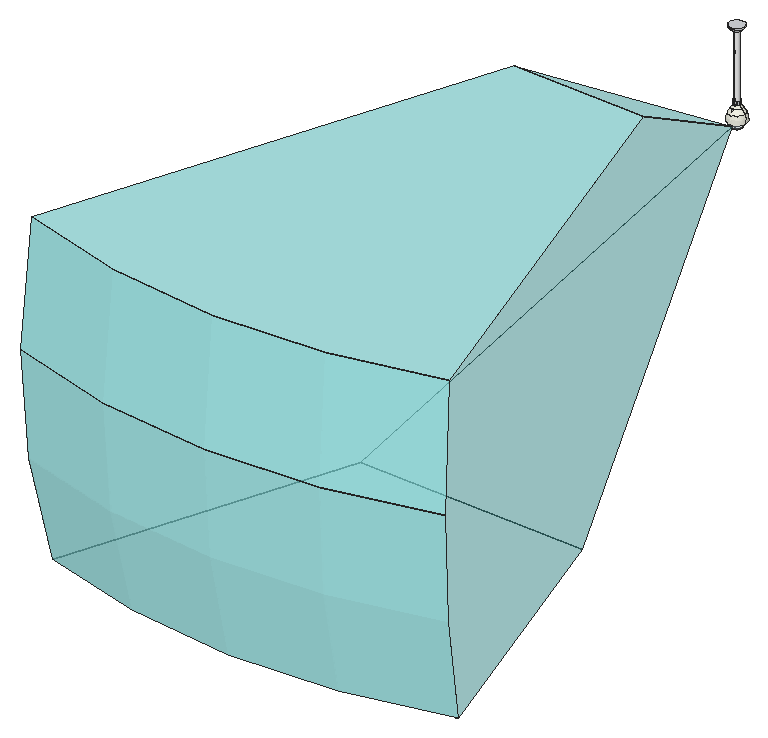
Revit family "PTZ indoor Dome camera  –Ceiling Mount_420mm", category Security Devices, Revit 2017
Family settings
  Maintain Annotation Orientation = No
  Round Connector Dimension = Use Diameter
  Part Type = Normal
  OmniClass Number = 23.85.30.17.14
  OmniClass Title = Video Surveillance
  Work Plane-Based = No
  Always vertical = Yes
  Cut with Voids When Loaded = No
  Shared = No
  Room Calculation Point = No
Parameters (values of type "HONEYWELL HDZ302D_Ceiling Mount_420mm")
  _Upper Limit [instance] = if(FOV Upper Limit + _H + _Origin Vertical < 0.00 mm, 0.00 mm, FOV Upper Limit + _H + _Origin Vertical)  # 1075.00 mm
  _Bottom Limit [instance] = if(FOV Bottom Limit - _H - _Origin Vertical < 0.00 mm, 0.00 mm, FOV Bottom Limit - _H - _Origin Vertical)  # 1825.00 mm
  _H = cos(Mounting Angle) * X  # 150.00 mm
  X = 150.00 mm
  _posOffset [instance] = if(_Origin Vertical > 0.00 mm, abs(_Origin Vertical), 0.00 mm)  # 625.00 mm
  _negOffset [instance] = if(_Origin Vertical < 0.00 mm, abs(_Origin Vertical), 0.00 mm)  # 0.00 mm
  Wireless = no
  User Input 02 [instance] = ""
  User Input 01 [instance] = ""
  Target Resolution Units [instance] = if(Metric, "Pixels per meter", "Pixels per foot")  # "Pixels per meter"
  Target Area [instance] = ""
  Origin Vertical = 750.00 mm
  _Origin Vertical [instance] = if(Ceiling Mount, Pendant Length, Origin Vertical)  # 625.00 mm
  URL = "www.honeywell.com"
  Show Field of View [instance] = yes
  Power over Ethernet Class = ""
  Power over Ethernet = ""
  Pendant Kit = ""
  PTZ = no
  Network Port [instance] = ""
  Model = "HDZ302D"
  Metric = yes
  Manufacturer = ""
  Pendant Status Message [instance] = if(Pendant Length > 750.00 mm, "Exceeds standard size", "OK")  # "OK"
  Lens Minimum Value [instance] = 4.50 mm  # constant formula
  Lens Maximum Value [instance] = 13.50 mm  # constant formula
  Origin Horizontal = 0.00 mm
  FOV Vertical Resolution [instance] = 1080
  FOV Tilt [instance] = 0.00°
  FOV Target Resolution [instance] = 180
  FOV Pan [instance] = 0.00°
  FOV Horizontal Resolution [instance] = 1920
  FOV Horizontal Minimum [instance] = 2.53°
  FOV Horizontal Maximum [instance] = 62.35°
  FOV Focal Length Minimum [instance] = 4.5
  FOV Focal Length Maximum [instance] = 13.5
  FOV Distance to Object [instance] = 6000.00 mm
  FOV Upper Limit [instance] = 300.00 mm
  FOV Desired Focal Length [instance] = 4.5
  FOV Bottom Limit [instance] = 2600.00 mm
  Pendant Length [instance] = 625.00 mm
  FOV Actual Focal Length [instance] = if(FOV Desired Focal Length > FOV Focal Length Maximum, FOV Focal Length Maximum, if(FOV Desired Focal Length < FOV Focal Length Minimum, FOV Focal Length Minimum, FOV Desired Focal Length))  # 4.5
  Ethernet Connector = ""
  Description = "HONEYWELL HDZ302D_Ceiling Mount_420mm"
  Corridor Format [instance] = yes
  Corridor [instance] = yes
  Ceiling Mount = yes
  Mounting Angle = 0.00°
  Camera Number [instance] = "HDZ302D"
  Camera Name [instance] = "HONEYWELL HDZ302D_Ceiling Mount_420mm"
  Audio = no
  Assembly Code = ""
  Actual Corridor [instance] = and(Corridor Format, Corridor)  # yes
  Accessories = ""
Reference planes
  plane 1 "Center (Front/Back)": y = 0
  plane 2 "Camera House Top": z = -625
  plane 3 "Center (Left/Right)": x = 0
  plane 4 "FOV Bottom Limit": z = -2600
  plane 5 "Horizontal Origin": y = 0
  plane 6 "negOffset": z = 0
  plane 7: z = 0
Lines and regions (mm)
  reference lines
    curve 1: line (0, 0, -625) -> (0, 0, -475)
    curve 2: line (0, 0, -475) -> (0, 0, 85)
    curve 3: line (0, 0, -475) -> (0, 120.87, -475)
    curve 4: line (0, 0, -475) -> (0, 45.15, -475)
    curve 7: line (0, 0, -475) -> (0, 75, -475)
    curve 8: line (-65, 0, 0) -> (65, 0, 0)
    curve 9: line (0, 0, 0) -> (0, 0, -2600)
  symbolic lines, style "InvisibleLines"
    curve 5: line (0, 23, -2600) -> (0, -23, -2600)
    curve 6: line (-23, 0, -2600) -> (23, 0, -2600)
Dimensions and locks
  "X": curve 1 to curve 1
  locked: curve 3 to plane 1 "Center (Front/Back)" at 120.87
  "Origin Horizontal": plane 5 "Horizontal Origin" to plane 1 "Center (Front/Back)"
  "_negOffset": plane 6 "negOffset" to level
  "_posOffset": plane 6 "negOffset" to plane 2 "Camera House Top"
  "FOV Bottom Limit": level to plane 4 "FOV Bottom Limit"
  locked: connector elem to plane 5 "Horizontal Origin"
  locked: curve 2 to curve 7
  level to nested 4 = 235.50 mm
  nested 4 to plane 2 "Camera House Top" = 420.00 mm
  angle plane 1 "Center (Front/Back)" to curve 1 = 0.00°
  "FOV Pan": angle curve 4 to curve 3
  aligned and locked: curve 1 to plane 1 "Center (Front/Back)"
  aligned and locked: plane 3 "Center (Left/Right)" to curve 2
  aligned and locked: nested 2 to plane 3 "Center (Left/Right)"
  aligned and locked: level to plane 7
  aligned and locked: plane 3 "Center (Left/Right)" to nested 1
  aligned and locked: plane 1 "Center (Front/Back)" to nested 1
  aligned and locked: curve 3 to curve 4
  aligned and locked: plane 2 "Camera House Top" to curve 1
  aligned and locked: curve 7 to curve 4
  aligned and locked: plane 5 "Horizontal Origin" to curve 8
  aligned and locked: curve 9 to plane 5 "Horizontal Origin"
  aligned and locked: plane 4 "FOV Bottom Limit" to curve 9
  aligned and locked: plane 7 to curve 9
Automatic sketch dimensions
  plane 1 "Center (Front/Back)" to curve 6 = 0.00 mm
  curve 5 to plane 3 "Center (Left/Right)" = 0.00 mm
  plane 3 "Center (Left/Right)" to curve 6 = 23.00 mm
  curve 6 to plane 3 "Center (Left/Right)" = 23.00 mm
  curve 5 to plane 1 "Center (Front/Back)" = 23.00 mm
  plane 1 "Center (Front/Back)" to curve 5 = 23.00 mm
  curve 3 to curve 7 = 75.00 mm
  curve 7 to curve 3 = 0.00 mm
  curve 8 to plane 3 "Center (Left/Right)" = 65.00 mm
  plane 3 "Center (Left/Right)" to curve 8 = 65.00 mm
  level to curve 2 = 85.00 mm
  curve 7 to curve 4 = 0.00 mm
Nested families
  nested 1: "Camera-Dome-AXIS-2D_Symbol" at (0, 0, 0), PTZ <- "PTZ", type "Default", detail levels coarse
    with PTZ no
  nested 2: "Ceiling Mount_PTZ" at (0, 0, -625) x (0, 1, 0) z (0, 0, 1), Ceiling Mount Vertical Distance <- "Pendant Length", type "Ceiling Mount"
    with Ceiling Mount Vertical Distance 625.00 mm
  nested 3: "Honeywell" at (0, -52.5, -825) x (1, 0, 0) z (0, -1, 0), Tilt <- "FOV Tilt", Vertical Res <- "FOV Vertical Resolution", Horizontal Res <- "FOV Horizontal Resolution", visible <- "Show Field of View", FOV Upper Limit <- "_Upper Limit", FOV Distance to Object <- "FOV Distance to Object", FOV Bottom Limit <- "_Bottom Limit", Target Resolution <- "FOV Target Resolution", FOV Horizontal Min <- "FOV Horizontal Minimum", FOV Horizontal Max <- "FOV Horizontal Maximum", Focal Length Minimum <- "FOV Focal Length Minimum", Focal Length Maximum <- "FOV Focal Length Maximum", Metric <- "Metric", Focal Length <- "FOV Actual Focal Length", Corridor <- "Corridor Format", IDFOV <- "Camera Name", type "Default"
    with yr 6095.541 mm, yf 6271.413 mm, y 6095.541 mm, x 1.00 mm, k 0.34033, _Target Resolution 180, XEff Min 5.445 mm, XEff Max 0.596 mm, XEff 5.445 mm, Vertical Res 1080, Vertical Angle 18.7948°, Tilt 0.00°, Target Resolution 180, Resolution Guide Width 7388.014 mm, Resolution Guide Heigth 4155.758 mm, Resolution Guide Distance 6103.541 mm, Resolution 0.25988, Metric yes, IDFOV "HONEYWELL HDZ302D_Ceiling Mount_420mm", Horizontal Res 1920, Horizontal Angle 31.175°, Focal Length Minimum 4.5, Focal Length Maximum 13.5, Focal Length 4.5, FOV Width 7388.014 mm, FOV Wide Angle 62.35°, FOV Vertical Max 31.175°, FOV Upper Limit 1075.00 mm, FOV Horizontal Min 2.53°, FOV Horizontal Max 62.35°, FOV Horisontal angle Negative -18.7948°, FOV Horisontal angle 18.7948°, FOV Height 4155.758 mm, FOV Distortion Trim Length 7105.541 mm, FOV Distance to Object 6000.00 mm, FOV Distance 6105.541 mm, FOV Bottom Limit 1825.00 mm, DTR 11336.299 mm, DTO 16261.299 mm, DTF 12086.299 mm, Corridor yes
  nested 4: "Theard" at (0, 0, -260.5), type "Theard"
  nested 5: "Camera Eye" at (-4.103, 2.003, -580.107) x (1, 0, 0) z (0, 0, -1), type "Standard"
    with View Distance -22.156 mm, Tilt Angle 60.00°, Pan Angle 60.00°, FoV V 0.00 mm, FoV H 0.00 mm, FoV Contraint H 0.00°, FoV Constraint V 0.00°
Connectors
  electrical at (0, 0, 0), driven by "Ethernet Connector"
    settings: index 1, voltage 0 V, apparent load 0 VA, apparent load phase1 0 VA, apparent load phase2 0 VA, apparent load phase3 0 VA, power factor 1, load classification "Other", number of poles 1, system type 10, power factor state 1, is connector primary yes, connector utility no, sub classification motor no, connector description ""
Definition of nested family "Ceiling Mount_PTZ"
  Parameters (values of type "Ceiling Mount")
    Wall Mount Vertical Distance = 102.00 mm
    Wall Mount Horizontal Distance = 220.00 mm
    Wall Mount = no
    Pendant Adapter = yes
    Parapet Mount Vertical Distance Mounting End = 583.00 mm
    Parapet Mount Vertical Distance Camera End = 106.00 mm
    Parapet Mount Horizontal Distance = 298.00 mm
    Parapet Mount = no
    Default Elevation = 1219.20 mm
    Corner Mount = no
    Ceiling Mount Vertical Distance [instance] = 750.00 mm
    Ceiling Mount = yes
  Reference planes
    plane 1 "Center (Front/Back)": y = 0
    plane 2: z = 0
    plane 3 "Center (Left/Right)": x = 0
    plane 4: z = 102
    plane 5 "Adapter Top": z = 60
    plane 6 "Arm Mount Ceiling": z = 715
    plane 7 "Parapet Mount Fillet": z = 106
    plane 8: x = -25
    plane 9: x = 25
    plane 10: z = 22
    plane 11: x = -46
    plane 12: x = 46
    plane 13: z = 19
    plane 14: z = 750
    plane 15: x = -27.5
    plane 16: x = 27.5
    plane 17: x = -47.5
    plane 18: x = 47.5
  Forms (mm)
    Extrusion 1, solid, visible <- "Ceiling Mount"
      sketch origin (0, 0, 0) x (1, 0, 0) y (0, 1, 0)
        loop
          circle (0, 0) r 23
      from 0 to 715
  Lines and regions (mm)
    Masking region 1, visible <- "Ceiling Mount", detail levels medium+fine
      outline origin (0, 0, 0) x (1, 0, 0) y (0, 1, 0)
        loop
          line (-97.5, 67.5) -> (-97.5, -67.5) -> (97.5, -67.5) -> (97.5, 67.5) -> (-97.5, 67.5)
    Masking region 2, visible <- "Parapet Mount", detail levels medium+fine
      outline origin (0, 0, 0) x (1, 0, 0) y (0, 1, 0)
        loop
          line (-200.5, 67.5) -> (-395.5, 67.5) -> (-395.5, -67.5) -> (-200.5, -67.5) -> (-200.5, 67.5)
    Masking region 3, visible <- "Wall Mount", detail levels medium+fine
      outline origin (0, 0, 0) x (1, 0, 0) y (0, 1, 0)
        loop
          line (-220, 67.5) -> (-220, -67.5) -> (-184, -67.5) -> (-184, 67.5) -> (-220, 67.5)
    Masking region 4, visible <- "Parapet Mount", detail levels medium+fine
      outline origin (0, 0, 0) x (1, 0, 0) y (0, 1, 0)
        loop
          arc (-298, 23) -> (-314.263, 16.263) -> (-321, 0) r 23
          arc (-321, 0) -> (-314.263, -16.263) -> (-298, -23) r 23
          line (-298, -23) -> (0, -23)
          arc (0, -23) -> (16.263, -16.263) -> (23, 0) r 23
          arc (23, 0) -> (16.263, 16.263) -> (0, 23) r 23
          line (0, 23) -> (-298, 23)
    Masking region 5, visible <- "Wall Mount", detail levels medium+fine
      outline origin (0, 0, 0) x (1, 0, 0) y (0, 1, 0)
        loop
          arc (23, 0) -> (16.263, 16.263) -> (0, 23) r 23
          line (0, 23) -> (-184, 23) -> (-184, -23) -> (0, -23)
          arc (0, -23) -> (16.263, -16.263) -> (23, 0) r 23
    symbolic lines, visible <- "Corner Mount", detail levels medium+fine
      curve 1: line (-302.5, 67.5, 0) -> (-220, 67.5, 0)
      curve 2: line (-404, 169, 0) -> (-302.5, 67.5, 0)
      curve 3: line (-220, -67.5, 0) -> (-302.5, -67.5, 0)
      curve 4: line (-302.5, -67.5, 0) -> (-404, -169, 0)
  Dimensions and locks
    "Wall Mount Vertical Distance": plane 4 to plane 2
    locked: plane 5 "Adapter Top" to plane 2 at 60
    "Ceiling Mount Vertical Distance": plane 14 to plane 2
    "Parapet Mount Vertical Distance Camera End": plane 7 "Parapet Mount Fillet" to plane 2
    equal spacing: plane 9, plane 3 "Center (Left/Right)", plane 8
    equal spacing: plane 12, plane 3 "Center (Left/Right)", plane 11
    locked: plane 9 to plane 8 at 50
    locked: plane 12 to plane 11 at 92
    locked: plane 10 to plane 2 at 22
    locked: plane 13 to plane 2 at 19
    plane 14 to plane 6 "Arm Mount Ceiling" = 35.00 mm
    equal spacing: plane 16, plane 3 "Center (Left/Right)", plane 15
    locked: plane 16 to plane 15 at 55
    equal spacing: plane 18, plane 3 "Center (Left/Right)", plane 17
    locked: plane 18 to plane 17 at 95
    radius of Extrusion 1 sketch curve = 23.00 mm
    aligned and locked: level to plane 2
    aligned and locked: plane 3 "Center (Left/Right)" to Extrusion 1 sketch curve
    aligned and locked: plane 1 "Center (Front/Back)" to Extrusion 1 sketch curve
    aligned and locked: plane 6 "Arm Mount Ceiling" to Extrusion 1
    aligned and locked: nested 1 to plane 1 "Center (Front/Back)"
    aligned and locked: plane 3 "Center (Left/Right)" to nested 1
    aligned and locked: Masking region 4 sketch curve to Extrusion 1  (x2)
    aligned and locked: Masking region 5 sketch curve to Extrusion 1  (x2)
    aligned and locked: Masking region 3 to Masking region 5 sketch curve
    aligned and locked: Extrusion 1 to plane 2
    aligned and locked: plane 6 "Arm Mount Ceiling" to nested 1
    aligned and locked: plane 14 to nested 1
  Automatic sketch dimensions
    curve 1 to plane 1 "Center (Front/Back)" = 67.50 mm
    curve 1 to curve 2 = 101.50 mm
    plane 1 "Center (Front/Back)" to curve 4 = 67.50 mm
    curve 4 to curve 3 = 101.50 mm  (x2)
    plane 1 "Center (Front/Back)" to Masking region 3 sketch curve = 67.50 mm
    Masking region 3 sketch curve to plane 1 "Center (Front/Back)" = 67.50 mm
    curve 2 to plane 17 = 255.00 mm
    curve 4 to curve 1 = 0.00 mm
    curve 2 to curve 1 = 101.50 mm
    curve 3 to curve 3 = 82.50 mm
    curve 1 to curve 1 = 82.50 mm
    Masking region 3 sketch curve to plane 17 = 172.50 mm
    Masking region 3 sketch curve to Masking region 3 sketch curve = 36.00 mm
    Masking region 2 sketch curve to plane 1 "Center (Front/Back)" = 67.50 mm
    Masking region 2 sketch curve to plane 17 = 348.00 mm
    plane 1 "Center (Front/Back)" to Masking region 2 sketch curve = 67.50 mm
    Masking region 2 sketch curve to plane 17 = 153.00 mm
    Masking region 1 sketch curve to plane 17 = 50.00 mm
    plane 18 to Masking region 1 sketch curve = 50.00 mm
    plane 1 "Center (Front/Back)" to Masking region 1 sketch curve = 67.50 mm
    Masking region 1 sketch curve to plane 1 "Center (Front/Back)" = 67.50 mm
  Nested families
    nested 1: "Arm_Mount-AXIS-T91A6X" at (0, 0, 715) x (0, 1, 0) z (0, 0, 1), visible <- "Ceiling Mount", type "Type 1"
      with Corner Mount no
    nested 2: "HDZNPTA" at (0, 0, -25), type "HDZNPTA"
  Definition of nested family "Arm_Mount-AXIS-T91A6X"
    Parameters (values of type "Type 1")
      Default Elevation = 1219.20 mm
      Corner Mount [instance] = yes
    Reference planes
      plane 1 "Center (Front/Back)": y = 0
      plane 2: z = 0
      plane 3 "Center (Left/Right)": x = 0
      plane 4: z = 75
      plane 5: z = 33
      plane 6: x = -67.5
      plane 7: x = 67.5
      plane 8: y = 97.5
      plane 9: y = -97.5
      plane 10: x = -35.5
      plane 11: x = 35.5
      plane 12: x = 27.5
      plane 13: x = -27.5
      plane 14: z = 39
      plane 15: z = 80
      plane 16: x = -72.5
      plane 17: x = 72.5
      plane 18: x = -169
      plane 19: z = 259
      plane 20: x = 169
    Forms (mm)
      Revolve 1, solid
        sketch origin (0, 0, 0) x (1, 0, 0) y (0, 0, 1)
          loop
            arc (41.3, 0) -> (55.292, 11.508) -> (66.8, 25.5) r 93.412
            line (66.8, 25.5) -> (0, 25.5) -> (0, 0) -> (41.3, 0)
          axis (0, 25.5) -> (0, 0)
        angle from 0 to 360
      Extrusion 2, solid
        sketch origin (0, 0, 0) x (1, 0, 0) y (0, 1, 0)
          loop
            circle (0, 0) r 66.8
        from 25.5 to 35
    Lines and regions (mm)
      reference lines
        curve 1: line (0, 0, 90) -> (169, 0, 259)
        curve 2: line (0, 0, 90) -> (-169, 0, 259)
        curve 3: line (0, 0, 82.929) -> (-169, 0, 251.929)
        curve 4: line (0, 0, 82.929) -> (169, 0, 251.929)
    Dimensions and locks
      plane 4 to plane 5 to plane 2 = 42.00 mm locked, 33.00 mm locked
      equal spacing: plane 8, plane 1 "Center (Front/Back)", plane 9
      plane 8 to plane 9 = 195.00 mm
      equal spacing: plane 6, plane 3 "Center (Left/Right)", plane 7
      plane 6 to plane 7 = 135.00 mm
      equal spacing: plane 12, plane 3 "Center (Left/Right)", plane 13
      locked: plane 12 to plane 13 at 55
      equal spacing: plane 11, plane 3 "Center (Left/Right)", plane 10
      locked: plane 11 to plane 10 at 71
      locked: plane 14 to plane 5 at 6
      plane 15 to plane 4 = 5.00 mm
      plane 6 to plane 16 = 5.00 mm
      plane 17 to plane 7 = 5.00 mm
      equal spacing: plane 20, plane 3 "Center (Left/Right)", plane 18
      locked: plane 20 to plane 18 at 338
      locked: plane 19 to plane 4 at 184
      locked: curve 3 to curve 2 at 5
      locked: curve 4 to curve 1 at 5
      plane 5 to level = 33.00 mm
      diameter of Extrusion 2 = 133.60 mm
      angle curve 2 to plane 15 = 45.00°
      angle plane 15 to curve 1 = 45.00°
      aligned and locked: level to plane 2
      aligned and locked: Revolve 1 sketch curve to plane 3 "Center (Left/Right)"
      aligned and locked: plane 3 "Center (Left/Right)" to curve 2
    Automatic sketch dimensions
      curve 3 to plane 18 = 0.00 mm
      curve 4 to plane 20 = 0.00 mm
      curve 1 to plane 19 = 0.00 mm
      curve 1 to plane 20 = 0.00 mm
      plane 1 "Center (Front/Back)" to Extrusion 2 sketch curve = 0.00 mm
      Extrusion 2 sketch curve to plane 3 "Center (Left/Right)" = 0.00 mm
      Revolve 1 sketch curve to level = 0.00 mm
      Revolve 1 sketch curve to plane 3 "Center (Left/Right)" = 0.00 mm
      Revolve 1 sketch curve to plane 15 = 2.44 mm
      Revolve 1 sketch curve to plane 5 = 7.50 mm
      plane 11 to Revolve 1 sketch curve = 5.80 mm
      Revolve 1 sketch curve to plane 7 = 0.70 mm
      Revolve 1 sketch curve to level = 36.387 mm
      plane 15 to Revolve 1 sketch curve = 31.352 mm
      radius of Extrusion 2 sketch curve = 66.80 mm
  Definition of nested family "HDZNPTA"
    Reference planes
      plane 1 "Center (Front/Back)": y = 0
      plane 2: z = 0
      plane 3 "Center (Left/Right)": x = 0
    Forms (mm)
      Extrusion 1, solid
        sketch origin (-0.625, -0.625, 0) x (1, 0, 0) y (0, 1, 0)
          loop
            circle (0.625, 0.625) r 18.622
          loop
            line (-22.455, -24.811) -> (-8.169, -32.729) -> (-6.977, -32.729)
            arc (-6.977, -32.729) -> (-4.59, -30.308) -> (-1.273, -29.568) r 6.015
            arc (-1.273, -29.568) -> (17.192, -24.763) -> (29.092, -9.849) r 30.201
            arc (29.092, -9.849) -> (30.672, -8.381) -> (32.742, -7.774) r 4.701
            line (32.742, -7.774) -> (32.742, 10.359)
            arc (32.742, 10.359) -> (30.375, 11.013) -> (28.595, 12.707) r 5.054
            arc (28.595, 12.707) -> (15.353, 27.097) -> (-3.868, 30.702) r 31.014
            arc (-3.868, 30.702) -> (-6.735, 31.136) -> (-8.91, 33.053) r 5.14
            line (-8.91, 33.053) -> (-23.522, 23.835)
            arc (-23.522, 23.835) -> (-23.007, 21.335) -> (-23.522, 18.835) r 6.331
            arc (-23.522, 18.835) -> (-27.64, 14.015) -> (-33.764, 12.374) r 10.69
            arc (-33.764, 12.374) -> (-37.649, 10.765) -> (-39.258, 6.881) r 5.494
            line (-39.258, 6.881) -> (-39.258, -7.195)
            arc (-39.258, -7.195) -> (-36.288, -11.613) -> (-31.168, -13.073) r 7.751
            arc (-31.168, -13.073) -> (-28.655, -12.862) -> (-26.337, -13.853) r 5.222
            line (-26.337, -13.853) -> (-23.14, -17.47)
            arc (-23.14, -17.47) -> (-21.824, -21.05) -> (-22.455, -24.811) r 7.443
          loop
            line (-36.67, 4.655) -> (-36.67, -5.192)
            arc (-36.67, -5.192) -> (-34.172, -7.689) -> (-31.674, -5.192) r 2.498
            arc (-31.674, -5.192) -> (-31.91, -0.192) -> (-31.674, 4.808) r 53.172
            arc (-31.674, 4.808) -> (-34.251, 7.307) -> (-36.67, 4.655) r 2.5
        from 0 to 48
      Revolve 2, void
        sketch origin (0, 0, 0) x (1, 0, 0) y (0, 0, 1)
          loop
            line (21.501, 25) -> (55.117, 25) -> (55.117, 48) -> (20.413, 48) -> (20.413, 46) -> (21.501, 46) -> (21.501, 45.012) -> (20.413, 45.012) -> (20.413, 44) -> (21.501, 44) -> (21.501, 43.012) -> (20.413, 43.012) -> (20.413, 42) -> (21.501, 42) -> (21.501, 41.012) -> (20.413, 41.012) -> (20.413, 40) -> (21.501, 40) -> (21.501, 39.012) -> (20.413, 39.012) -> (20.413, 38) -> (21.501, 38) -> (21.501, 37.012) -> (20.413, 37.012) -> (20.413, 36) -> (21.501, 36) -> (21.501, 35.012) -> (20.413, 35.012) -> (20.413, 34) -> (21.501, 34) -> (21.501, 33.012) -> (20.413, 33.012) -> (20.413, 32) -> (21.501, 32) -> (21.501, 31.012) -> (20.413, 31.012) -> (20.413, 30) -> (21.501, 30) -> (21.501, 29.012) -> (20.413, 29.012) -> (20.413, 28) -> (21.501, 28) -> (21.501, 27.012) -> (20.413, 27.012) -> (20.413, 26) -> (21.501, 26) -> (21.501, 25)
          axis (0, 48) -> (0, 25)
        angle from 0 to 360
    Cuts and joins
      Revolve 2 cuts Extrusion 1
    Dimensions and locks
      cut or joined group of Extrusion 1, Revolve 2 to cut or joined group of Extrusion 1, Revolve 2 = 72.00 mm
      cut or joined group of Extrusion 1, Revolve 2 to cut or joined group of Extrusion 1, Revolve 2 = 48.00 mm
      aligned and locked: level to plane 2
Definition of nested family "Honeywell"
  Parameters (values of type "Default")
    yr [instance] = sqrt(FOV Distance to Object ^ 2 + FOV Upper Limit ^ 2)  # 8005.623 mm
    yf [instance] = sqrt(FOV Distance to Object ^ 2 + FOV Bottom Limit ^ 2)  # 8443.341 mm
    y [instance] = if(and((Tilt > 0.00°), (Tilt < 180.00°)), yf, yr)  # 8443.341 mm
    x [instance] = 1.00 mm  # constant formula
    k [instance] = XEff / 2.00 mm * (Vertical Res / Horizontal Res) / Focal Length  # 0.32476
    _Target Resolution [instance] = if(Metric, Target Resolution, Target Resolution / 0.3048)  # 400
    XEff Min [instance] = 2.00 mm * Focal Length Minimum * tan(FOV Horizontal Max / 2)  # 1.155 mm
    XEff Max [instance] = 2.00 mm * Focal Length Maximum * tan(FOV Horizontal Min / 2)  # 2.309 mm
    XEff [instance] = if((Focal Length Maximum - Focal Length Minimum) = 0, XEff Min, (Focal Length - Focal Length Minimum) * (XEff Max - XEff Min) / (Focal Length Maximum - Focal Length Minimum) + XEff Min)  # 2.309 mm
    Vertical Res [instance] = 1080
    Vertical Angle [instance] = atan(k)  # 17.9917°
    Tilt [instance] = 20.00°
    Target Resolution [instance] = 400
    Resolution [instance] = Horizontal Res / (FOV Width / 1.00 mm)  # 0.1967
    Metric [instance] = yes
    IDFOV [instance] = ""
    Horizontal Res [instance] = 1920
    Horizontal Angle [instance] = atan(XEff / 2.00 mm / Focal Length)  # 30.00°
    Focal Length Minimum [instance] = 1
    Focal Length Maximum [instance] = 2
    Resolution Guide Width [instance] = if((Horizontal Res * 1000.00 mm) / (_Target Resolution) < FOV Width, (Horizontal Res * 1000.00 mm) / (_Target Resolution), FOV Width)  # 4800.00 mm
    FOV Width [instance] = FOV Distance * XEff / (Focal Length * 1.00 mm)  # 9761.077 mm
    FOV Wide Angle [instance] = FOV Horizontal Max  # 60.00°
    FOV Vertical Max [instance] = if(Corridor, Horizontal Angle, Vertical Angle)  # 17.9917°
    FOV Horizontal Min [instance] = 60.00°
    FOV Horizontal Max [instance] = 60.00°
    Resolution Guide Heigth [instance] = Resolution Guide Width * Vertical Res / Horizontal Res  # 2700.00 mm
    FOV Horisontal angle Negative [instance] = if(Corridor, Vertical Angle, Horizontal Angle) * -1  # -30.00°
    FOV Horisontal angle [instance] = if(Corridor, Vertical Angle, Horizontal Angle)  # 30.00°
    FOV Height [instance] = FOV Width * Vertical Res / Horizontal Res  # 5490.606 mm
    FOV Upper Limit [instance] = 300.00 mm
    FOV Distortion Trim Length [instance] = FOV Distance + 1000.00 mm  # 9453.341 mm
    FOV Distance to Object [instance] = 8000.00 mm
    FOV Bottom Limit [instance] = 2700.00 mm
    Resolution Guide Distance [instance] = Resolution Guide Width * (Focal Length * 1.00 mm) / XEff - 2.00 mm  # 4154.922 mm
    FOV Distance [instance] = y + 10.00 mm  # 8453.341 mm
    Focal Length [instance] = 2
    Default Elevation = 1219.20 mm
    DTR [instance] = FOV Height + FOV Distance + FOV Upper Limit  # 14243.946 mm
    DTO [instance] = FOV Height + FOV Distance + FOV Distance to Object  # 21943.946 mm
    DTF [instance] = FOV Height + FOV Distance + FOV Bottom Limit  # 16643.946 mm
    Corridor [instance] = no
  Reference planes
    plane 1 "Center (Front/Back)": y = 0
    plane 2: z = 0
    plane 3 "Center (Left/Right)": x = 0
    plane 4: z = 8000
    plane 5: z = -8000
    plane 6: y = -2700
    plane 7: z = 21943.946
    plane 8: y = 300
    plane 9: y = -21943.946
    plane 10: z = -21943.946
    plane 11: y = 14243.946
    plane 12: x = -21943.946
    plane 13: x = 21943.946
  Forms (mm)
    Extrusion 1, void
      sketch origin (0, 0, 0) x (0, 1, 0) y (0, 0, 1)
        loop
          line (14243.946, 21943.946) -> (300, 21943.946) -> (300, -21943.946) -> (14243.946, -21943.946) -> (14243.946, 21943.946)
        loop
          line (-21943.946, 21943.946) -> (-21943.946, -21943.946) -> (-2700, -21943.946) -> (-2700, 21943.946) -> (-21943.946, 21943.946)
      from -27797.579 to 25408.475
    Revolve 2, solid
      sketch origin (0, 0, 0) x (0, -0.34202, 0.939693) y (0, -0.939693, -0.34202)
        loop
          line (0, 0) -> (3951.752, -1283.369)
          arc (3951.752, -1283.369) -> (4103.815, -649.676) -> (4154.922, 0) r 4154.922
          arc (4154.922, 0) -> (4103.815, 649.676) -> (3951.752, 1283.369) r 4154.922
          line (3951.752, 1283.369) -> (0, 0)
        axis (0, 1283.369) -> (0, -1283.369)
      angle from -30 <- "FOV Horisontal angle Negative" to 30 <- "FOV Horisontal angle"
    Revolve 3, solid
      sketch origin (0, 0, 0) x (0, -0.34202, 0.939693) y (0, -0.939693, -0.34202)
        loop
          line (3951.752, -1283.369) -> (8039.983, -2611.061)
          arc (8039.983, -2611.061) -> (8349.362, -1321.789) -> (8453.341, 0) r 8453.341
          arc (8453.341, 0) -> (8349.362, 1321.789) -> (8039.983, 2611.061) r 8453.341
          line (8039.983, 2611.061) -> (3951.752, 1283.369)
          arc (3951.752, 1283.369) -> (4103.815, 649.676) -> (4154.922, 0) r 4154.922
          arc (4154.922, 0) -> (4103.815, -649.676) -> (3951.752, -1283.369) r 4154.922
        axis (0, 2611.061) -> (0, -2611.061)
      angle from -30 <- "FOV Horisontal angle Negative" to 30 <- "FOV Horisontal angle"
    Extrusion 4, void
      sketch origin (0, 0, 0) x (0, -0.34202, 0.939693) y (0, -0.939693, -0.34202)
        loop
          line (0, 0) -> (8991.084, 2919.94) -> (8064.85, 5772.002) -> (-9708.308, 0) -> (8064.85, -5772.002) -> (8991.084, -2919.94) -> (0, 0)
      from -27797.579 to 25408.475
  Cuts and joins
    Extrusion 1, Extrusion 4 cuts Revolve 3
    Extrusion 1, Extrusion 4 cuts Revolve 2
  Lines and regions (mm)
    reference lines
      curve 1: line (0, 0, 0) -> (0, -2891.213, 7943.542)
      curve 2: line (0, 0, 0) -> (0, -1421.067, 3904.349)
      curve 3: line (0, 0, 0) -> (0, -331.286, 9447.534)
      curve 4: line (0, 0, 0) -> (0, -5818.978, 7450.177)
  Dimensions and locks
    "FOV Distance": curve 1 to curve 1
    "FOV Distance to Object": plane 4 to plane 2
    "DTO": plane 7 to plane 2
    "FOV Upper Limit": plane 8 to plane 1 "Center (Front/Back)"
    "FOV Bottom Limit": plane 1 "Center (Front/Back)" to plane 6
    "DTO": plane 1 "Center (Front/Back)" to plane 9
    "DTO": plane 2 to plane 10
    "Resolution Guide Distance": curve 2 to curve 2
    "DTR": plane 11 to plane 1 "Center (Front/Back)"
    "FOV Distance to Object": plane 2 to plane 5
    equal spacing: plane 13, plane 3 "Center (Left/Right)", plane 12
    "DTO": plane 3 "Center (Left/Right)" to plane 12
    "FOV Distortion Trim Length": curve 4 to curve 4
    "FOV Distortion Trim Length": curve 3 to curve 3
    "Resolution Guide Distance": radius of Revolve 3 sketch curve  (x2)
    "Tilt": angle curve 1 to plane 1 "Center (Front/Back)"
    "Tilt": angle curve 2 to plane 1 "Center (Front/Back)"
    "FOV Vertical Max": angle Revolve 2 sketch curve to Revolve 2 sketch curve  (x2)
    "FOV Vertical Max": angle Revolve 3 sketch curve to Revolve 3 sketch curve  (x4)
    "FOV Vertical Max": angle curve 2 to curve 3
    "FOV Vertical Max": angle curve 4 to curve 2
    aligned and locked: level to plane 2
    aligned and locked: Extrusion 1 sketch curve to plane 9
    aligned and locked: Extrusion 1 sketch curve to plane 7
    aligned and locked: Extrusion 1 sketch curve to plane 10
    aligned and locked: Extrusion 1 sketch curve to plane 6
    aligned and locked: Extrusion 1 sketch curve to plane 8
    aligned and locked: level to curve 2
    aligned and locked: plane 1 "Center (Front/Back)" to curve 2
    aligned and locked: plane 1 "Center (Front/Back)" to curve 1
    aligned and locked: Extrusion 1 sketch curve to plane 11
    aligned and locked: level to curve 3
    aligned and locked: plane 1 "Center (Front/Back)" to curve 3
    aligned and locked: Extrusion 4 sketch curve to curve 4  (x2)
    aligned and locked: Extrusion 4 sketch curve to curve 3  (x2)
  Automatic sketch dimensions
    Extrusion 1 sketch curve to plane 7 = 0.00 mm
    Extrusion 1 sketch curve to plane 10 = 0.00 mm
    Extrusion 4 sketch curve to curve 2 = 0.00 mm
    Extrusion 4 sketch curve to curve 2 = 9708.308 mm
    curve 1 to level = 0.00 mm
    Revolve 2 sketch curve to Revolve 2 sketch curve = 0.00 mm  (x2)
    Revolve 2 sketch curve to curve 2 = 0.00 mm  (x6)
    Revolve 2 sketch curve to curve 2 = 0.50 mm
    curve 2 to Revolve 2 sketch curve = 0.50 mm
    Revolve 3 sketch curve to Revolve 3 sketch curve = 0.00 mm  (x12)
    Revolve 3 sketch curve to curve 1 = 0.00 mm  (x4)
    Revolve 3 sketch curve to curve 1 = 0.50 mm
    curve 1 to Revolve 3 sketch curve = 0.50 mm
Definition of nested family "Theard"
  Reference planes
    plane 1 "Center (Front/Back)": y = 0
    plane 2: z = 0
    plane 3 "Center (Left/Right)": x = 0
  Forms (mm)
    Extrusion 1, solid
      sketch origin (-0.625, -0.625, 0) x (1, 0, 0) y (0, 1, 0)
        loop
          circle (0.625, 0.625) r 18.622
        loop
          line (-22.455, -24.811) -> (-8.169, -32.729) -> (-6.977, -32.729)
          arc (-6.977, -32.729) -> (-4.59, -30.308) -> (-1.273, -29.568) r 6.015
          arc (-1.273, -29.568) -> (17.192, -24.763) -> (29.092, -9.849) r 30.201
          arc (29.092, -9.849) -> (30.672, -8.381) -> (32.742, -7.774) r 4.701
          line (32.742, -7.774) -> (32.742, 10.359)
          arc (32.742, 10.359) -> (30.375, 11.013) -> (28.595, 12.707) r 5.054
          arc (28.595, 12.707) -> (15.353, 27.097) -> (-3.868, 30.702) r 31.014
          arc (-3.868, 30.702) -> (-6.735, 31.136) -> (-8.91, 33.053) r 5.14
          line (-8.91, 33.053) -> (-23.522, 23.835)
          arc (-23.522, 23.835) -> (-23.007, 21.335) -> (-23.522, 18.835) r 6.331
          arc (-23.522, 18.835) -> (-27.64, 14.015) -> (-33.764, 12.374) r 10.69
          arc (-33.764, 12.374) -> (-37.649, 10.765) -> (-39.258, 6.881) r 5.494
          line (-39.258, 6.881) -> (-39.258, -7.195)
          arc (-39.258, -7.195) -> (-36.288, -11.613) -> (-31.168, -13.073) r 7.751
          arc (-31.168, -13.073) -> (-28.655, -12.862) -> (-26.337, -13.853) r 5.222
          line (-26.337, -13.853) -> (-23.14, -17.47)
          arc (-23.14, -17.47) -> (-21.824, -21.05) -> (-22.455, -24.811) r 7.443
        loop
          line (-36.67, 4.655) -> (-36.67, -5.192)
          arc (-36.67, -5.192) -> (-34.172, -7.689) -> (-31.674, -5.192) r 2.498
          arc (-31.674, -5.192) -> (-31.91, -0.192) -> (-31.674, 4.808) r 53.172
          arc (-31.674, 4.808) -> (-34.251, 7.307) -> (-36.67, 4.655) r 2.5
      from 25 to 55.5
    Revolve 2, void
      sketch origin (0, 0, 0) x (1, 0, 0) y (0, 0, 1)
        loop
          line (21.501, 25) -> (55.117, 25) -> (55.117, 65.327) -> (20.413, 65.327) -> (20.413, 46) -> (21.501, 46) -> (21.501, 45.012) -> (20.413, 45.012) -> (20.413, 44) -> (21.501, 44) -> (21.501, 43.012) -> (20.413, 43.012) -> (20.413, 42) -> (21.501, 42) -> (21.501, 41.012) -> (20.413, 41.012) -> (20.413, 40) -> (21.501, 40) -> (21.501, 39.012) -> (20.413, 39.012) -> (20.413, 38) -> (21.501, 38) -> (21.501, 37.012) -> (20.413, 37.012) -> (20.413, 36) -> (21.501, 36) -> (21.501, 35.012) -> (20.413, 35.012) -> (20.413, 34) -> (21.501, 34) -> (21.501, 33.012) -> (20.413, 33.012) -> (20.413, 32) -> (21.501, 32) -> (21.501, 31.012) -> (20.413, 31.012) -> (20.413, 30) -> (21.501, 30) -> (21.501, 29.012) -> (20.413, 29.012) -> (20.413, 28) -> (21.501, 28) -> (21.501, 27.012) -> (20.413, 27.012) -> (20.413, 18.385) -> (21.501, 18.385) -> (21.501, 25)
        axis (0, 65.327) -> (0, 18.385)
      angle from 0 to 360
  Cuts and joins
    Revolve 2 cuts Extrusion 1
  Dimensions and locks
    aligned and locked: level to plane 2
Definition of nested family "Camera Eye"
  Parameters (values of type "Standard")
    Product Material = none
    FoV V [instance] = tan(FoV Constraint V / 2) * View Distance  # 0.00 mm
    FoV H [instance] = tan(FoV Contraint H / 2) * View Distance  # 0.00 mm
    FoV Contraint H [instance] = 0.00°
    FoV Constraint V [instance] = 0.00°
    View Distance [instance] = -22.156 mm
    Tilt Angle [instance] = 60.00°
    Pan Angle [instance] = 60.00°
    Default Elevation = 1219.20 mm
  Reference planes
    plane 1 "Center (Front/Back)": y = 0
    plane 2 "Center (Elevation)": z = 0
    plane 3 "Center (Left/Right)": x = 0
    plane 4: z = 0
    plane 5 "Pan Host": z = 219.504
    plane 6: y = 131.851
    plane 7: y = 172.195
    plane 8 "Void Top": z = 0
    plane 9 "Void Bottom": z = -10
  Forms (mm)
    Revolve 1, solid
      sketch origin (349.604, -2.451, 285.761) x (1, 0, 0) y (0, 0, -1)
        loop
          line (-350.004, 2) -> (-350.004, 66.256) -> (-408.505, 66.256) -> (-408.505, 57.673)
          arc (-408.505, 57.673) -> (-390.044, 18.5) -> (-350.004, 2) r 59.916
        axis (-350.004, 2) -> (-350.004, 66.256)
      angle from 0 to 360
    Revolve 2, solid
      sketch origin (350.076, -2.089, 286.149) x (1, 0, 0) y (0, 0, -1)
        loop
          line (-410.505, 68.256) -> (-410.505, 57.603)
          arc (-410.505, 57.603) -> (-391.433, 17.061) -> (-350.004, 0) r 61.916
          line (-350.004, 0) -> (-350.004, 68.256) -> (-410.505, 68.256)
        axis (-350.004, 0) -> (-350.004, 68.256)
      angle from 0 to 360
    Revolve 3, solid
      sketch origin (4.103, 2.003, 288.006) x (1, 0, 0) y (0, 0, -1)
        loop
          line (0, 218.113) -> (-25.829, 218.113)
          arc (-25.829, 218.113) -> (-32.935, 199.287) -> (-43.989, 182.473) r 91.372
          arc (-43.989, 182.473) -> (-57.642, 164.565) -> (-69.8, 145.611) r 277.922
          arc (-69.8, 145.611) -> (-78.867, 110.607) -> (-81.519, 74.545) r 201.095
          line (-81.519, 74.545) -> (-70.665, 74.545) -> (-66.517, 70.397) -> (0, 70.397) -> (0, 218.113)
        axis (0, 218.113) -> (0, 70.397)
      angle from 0 to 360
    Extrusion 4, void
      sketch origin (24.079, -53.086, 99.545) x (-0.992455, -0.122611, 0) y (-0.122611, 0.992455, 0)
        loop
          line (1.608, 115.57) -> (5.161, 93.247)
          arc (5.161, 93.247) -> (8.818, 91.546) -> (11.951, 94.086) r 3.807
          line (11.951, 94.086) -> (9.964, 116.603)
          arc (9.964, 116.603) -> (9.344, 118.25) -> (7.674, 118.807) r 2.047
          line (7.674, 118.807) -> (5.483, 118.536) -> (3.293, 118.266)
          arc (3.293, 118.266) -> (1.972, 117.217) -> (1.608, 115.57) r 2.523
      from -35.432 to 7.594
    Extrusion 5, void
      sketch origin (-15.873, 57.091, 99.545) x (0.992455, 0.122611, 0) y (0.122611, -0.992455, 0)
        loop
          line (1.608, 115.57) -> (5.161, 93.247)
          arc (5.161, 93.247) -> (8.818, 91.546) -> (11.951, 94.086) r 3.807
          line (11.951, 94.086) -> (9.964, 116.603)
          arc (9.964, 116.603) -> (9.344, 118.25) -> (7.674, 118.807) r 2.047
          line (7.674, 118.807) -> (5.483, 118.536) -> (3.293, 118.266)
          arc (3.293, 118.266) -> (1.972, 117.217) -> (1.608, 115.57) r 2.523
      from -35.432 to 7.594
    Revolve 6, solid
      sketch origin (4.103, 2.003, 3818.005) x (1, 0, 0) y (0, 0, -1)
        loop
          line (-61.517, 3600.396) -> (-61.517, 3590.82)
          arc (-61.517, 3590.82) -> (-43.456, 3547.568) -> (0, 3530.003) r 60.821
          line (0, 3530.003) -> (0, 3600.396) -> (-61.517, 3600.396)
        axis (0, 3600.396) -> (0, 3530.003)
      angle from 0 to 360
  Cuts and joins
    Extrusion 4, Extrusion 5 cuts Revolve 3
  Lines and regions (mm)
    reference lines
      curve 1: line (86.603, -50, 219.504) -> (0, 0, 219.504)
      curve 2: line (0, 0, 219.504) -> (0, 0, 227)
      curve 3: line (0, 0, 227) -> (43.301, -25, 227)
      curve 4: line (0, 0, 227) -> (32.476, -18.75, 291.952)
      curve 5: line (32.476, -18.75, 291.952) -> (34.976, -14.42, 291.952)
      curve 6: line (32.476, -18.75, 291.952) -> (28.726, -16.585, 294.452)
  Dimensions and locks
    plane 5 "Pan Host" to plane 4 = 219.504 mm
    plane 1 "Center (Front/Back)" to plane 6 to plane 7 = 131.851 mm locked, 40.343 mm locked
    curve 1 to curve 1 = 100.00 mm
    locked: curve 3 to curve 3 at 50
    curve 4 to curve 4 = 75.00 mm
    plane 4 to plane 2 "Center (Elevation)" = 0.00 mm
    plane 2 "Center (Elevation)" to plane 9 "Void Bottom" = 10.00 mm
    plane 8 "Void Top" to plane 2 "Center (Elevation)" = 0.00 mm
    "Pan Angle": angle plane 3 "Center (Left/Right)" to curve 1
    "Tilt Angle": angle curve 4 to curve 3
    aligned and locked: plane 2 "Center (Elevation)" to level
  Automatic sketch dimensions
    curve 3 to curve 1 = 0.00 mm
    curve 1 to curve 2 = 0.00 mm
    curve 5 to curve 6 = 5.00 mm
    curve 5 to curve 5 = 5.00 mm
    plane 5 "Pan Host" to Revolve 1 sketch curve = 0.001 mm
    Revolve 1 sketch curve to plane 3 "Center (Left/Right)" = 58.902 mm
    Revolve 1 sketch curve to Revolve 1 sketch curve = 58.502 mm
    Revolve 1 sketch curve to Revolve 1 sketch curve = 1.265 mm
    Revolve 1 sketch curve to Revolve 1 sketch curve = 4.353 mm
    Revolve 1 sketch curve to Revolve 1 sketch curve = 8.583 mm
    Revolve 1 sketch curve to Revolve 1 sketch curve = 0.00 mm
    Revolve 1 sketch curve to Revolve 1 sketch curve = 77.00 mm
    Revolve 1 sketch curve to plane 5 "Pan Host" = 178.743 mm
    curve 1 to curve 3 = 7.496 mm
    Revolve 2 sketch curve to plane 5 "Pan Host" = 1.611 mm
    Revolve 2 sketch curve to plane 3 "Center (Left/Right)" = 60.43 mm
    Revolve 2 sketch curve to Revolve 2 sketch curve = 60.502 mm
    plane 5 "Pan Host" to Revolve 2 sketch curve = 4.743 mm
    Revolve 2 sketch curve to Revolve 2 sketch curve = 1.265 mm
    plane 5 "Pan Host" to Revolve 2 sketch curve = 9.043 mm
    Revolve 2 sketch curve to Revolve 2 sketch curve = 0.00 mm
    Revolve 2 sketch curve to Revolve 2 sketch curve = 75.00 mm
    level to Revolve 2 sketch curve = 41.149 mm
    plane 3 "Center (Left/Right)" to Extrusion 4 sketch curve = 8.313 mm
    Extrusion 4 sketch curve to plane 1 "Center (Front/Back)" = 61.415 mm
    Extrusion 4 sketch curve to Extrusion 4 sketch curve = 1.685 mm
    Extrusion 4 sketch curve to Extrusion 4 sketch curve = 0.819 mm
    Extrusion 4 sketch curve to Extrusion 4 sketch curve = 3.553 mm
    Extrusion 4 sketch curve to Extrusion 4 sketch curve = 2.191 mm  (x2)
    Extrusion 4 sketch curve to Extrusion 4 sketch curve = 0.251 mm
    Extrusion 4 sketch curve to Extrusion 4 sketch curve = 3.19 mm
    Extrusion 4 sketch curve to Extrusion 4 sketch curve = 2.039 mm
    Extrusion 4 sketch curve to Extrusion 4 sketch curve = 3.60 mm
    Extrusion 4 sketch curve to Extrusion 4 sketch curve = 0.309 mm
    Extrusion 4 sketch curve to Extrusion 4 sketch curve = 0.723 mm
    Extrusion 4 sketch curve to Extrusion 4 sketch curve = 0.173 mm
    Extrusion 4 sketch curve to Extrusion 4 sketch curve = 0.271 mm
    Extrusion 4 sketch curve to Extrusion 4 sketch curve = 20.555 mm
    Extrusion 4 sketch curve to Extrusion 4 sketch curve = 1.239 mm
    Extrusion 5 sketch curve to plane 3 "Center (Left/Right)" = 0.107 mm
    plane 1 "Center (Front/Back)" to Extrusion 5 sketch curve = 57.41 mm
    Extrusion 5 sketch curve to Extrusion 5 sketch curve = 1.685 mm
    Extrusion 5 sketch curve to Extrusion 5 sketch curve = 2.504 mm
    Extrusion 5 sketch curve to Extrusion 5 sketch curve = 3.553 mm
    Extrusion 5 sketch curve to Extrusion 5 sketch curve = 2.191 mm  (x2)
    Extrusion 5 sketch curve to Extrusion 5 sketch curve = 0.251 mm
    Extrusion 5 sketch curve to Extrusion 5 sketch curve = 3.19 mm
    Extrusion 5 sketch curve to Extrusion 5 sketch curve = 2.039 mm
    Extrusion 5 sketch curve to Extrusion 5 sketch curve = 3.60 mm
    Extrusion 5 sketch curve to Extrusion 5 sketch curve = 0.309 mm
    Extrusion 5 sketch curve to Extrusion 5 sketch curve = 0.723 mm
    Extrusion 5 sketch curve to Extrusion 5 sketch curve = 0.173 mm
    Extrusion 5 sketch curve to Extrusion 5 sketch curve = 0.271 mm
    Extrusion 5 sketch curve to Extrusion 5 sketch curve = 20.555 mm
    Extrusion 5 sketch curve to Extrusion 5 sketch curve = 1.239 mm
    plane 5 "Pan Host" to Revolve 6 sketch curve = 7.68 mm
    Revolve 6 sketch curve to plane 3 "Center (Left/Right)" = 57.414 mm
    plane 3 "Center (Left/Right)" to Revolve 6 sketch curve = 3.407 mm
    Revolve 6 sketch curve to plane 5 "Pan Host" = 1.896 mm
    plane 3 "Center (Left/Right)" to Revolve 6 sketch curve = 4.103 mm  (x2)
    Revolve 6 sketch curve to Revolve 6 sketch curve = 4.607 mm
    Revolve 6 sketch curve to Revolve 6 sketch curve = 0.00 mm
    level to Revolve 3 sketch curve = 47.237 mm
    Revolve 3 sketch curve to plane 3 "Center (Left/Right)" = 110.244 mm
    Revolve 3 sketch curve to plane 5 "Pan Host" = 6.043 mm
    Revolve 3 sketch curve to plane 3 "Center (Left/Right)" = 77.416 mm
    Revolve 3 sketch curve to Revolve 3 sketch curve = 10.854 mm
    Revolve 3 sketch curve to plane 5 "Pan Host" = 1.896 mm
    Revolve 3 sketch curve to Revolve 3 sketch curve = 4.147 mm
    Revolve 3 sketch curve to plane 3 "Center (Left/Right)" = 21.726 mm
    plane 3 "Center (Left/Right)" to Revolve 3 sketch curve = 4.103 mm  (x2)
    Revolve 3 sketch curve to plane 5 "Pan Host" = 9.386 mm
    Revolve 3 sketch curve to Revolve 3 sketch curve = 119.549 mm
    Revolve 3 sketch curve to Revolve 3 sketch curve = 50.47 mm
    plane 5 "Pan Host" to Revolve 3 sketch curve = 63.346 mm
    level to Revolve 3 sketch curve = 69.893 mm
    Revolve 3 sketch curve to Revolve 3 sketch curve = 25.811 mm
    plane 5 "Pan Host" to Revolve 3 sketch curve = 216.41 mm
    Revolve 3 sketch curve to Revolve 3 sketch curve = 413.978 mm
    plane 1 "Center (Front/Back)" to curve 1 = 0.00 mm
    curve 1 to plane 3 "Center (Left/Right)" = 0.00 mm
    curve 4 to curve 3 = 0.00 mm  (x2)
Definition of nested family "Camera-Dome-AXIS-2D_Symbol"
  Parameters
    PTZ [instance] = yes
  Reference planes
    plane 1: y = 0
    plane 2: x = 0
  Lines and regions (mm)
    Filled region 1, type "Solid Black"
      outline origin (0, 0, 0) x (1, 0, 0) y (0, 1, 0)
        loop
          circle (0, 0) r 1.9
    Masking region 1
      outline origin (0, 0, 0) x (1, 0, 0) y (0, 1, 0)
        loop
          circle (0, 0) r 3
        loop
          circle (0, 0) r 1.9
    detail lines
      curve 1: arc (2.172, 1.377, 0) -> (0, 2.571, 0) -> (-2.172, 1.377, 0) r 2.571
      curve 2: line (-2.172, 1.377, 0) -> (-2.713, 1.281, 0)
      curve 3: line (-2.172, -1.377, 0) -> (-2.713, -1.281, 0)
      curve 4: line (2.172, 1.377, 0) -> (2.713, 1.281, 0)
      curve 5: line (2.172, -1.377, 0) -> (2.713, -1.281, 0)
      curve 6: arc (-2.172, -1.377, 0) -> (0, -2.571, 0) -> (2.172, -1.377, 0) r 2.571
    detail lines, visible <- "PTZ"
      curve 7: circle (0, 0, 0) r 4.421 normal (0, 0, 1)
      curve 8: line (3.788, 2.267, 0) -> (2.39, 2.748, 0)
      curve 9: line (3.788, 2.267, 0) -> (3.521, 3.641, 0)
      curve 10: line (-3.058, 3.197, 0) -> (-4.456, 2.716, 0)
      curve 11: line (-3.058, 3.197, 0) -> (-3.325, 1.823, 0)
      curve 12: line (-3.901, -2.08, 0) -> (-2.502, -2.562, 0)
      curve 13: line (-3.901, -2.08, 0) -> (-3.634, -3.454, 0)
      curve 14: line (3.058, -3.197, 0) -> (4.456, -2.716, 0)
      curve 15: line (3.058, -3.197, 0) -> (3.325, -1.823, 0)
  Dimensions and locks
    aligned and locked: Masking region 1 sketch curve to Filled region 1  (x2)
